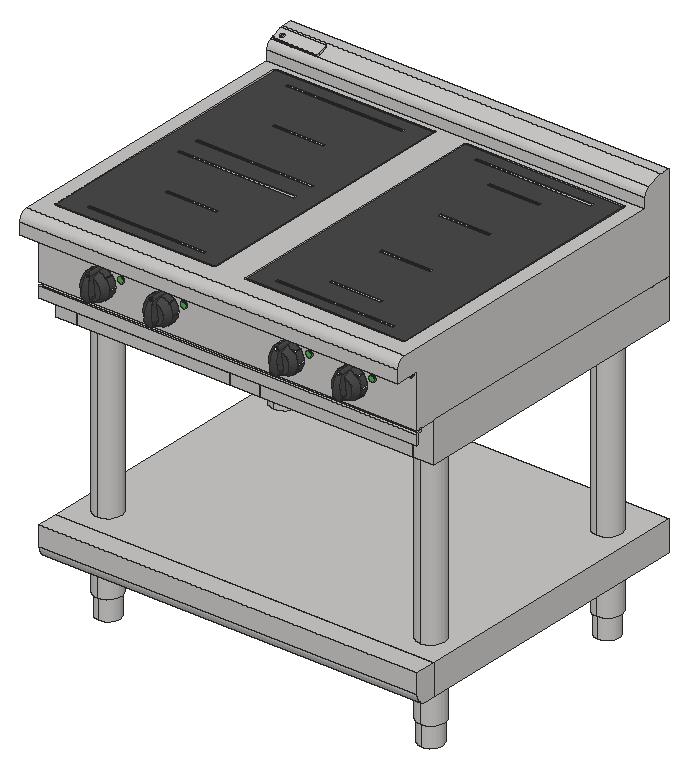
Revit family "QF_Moffat_INL8400R5F-LS_Induction Cooktop_cat", category Specialty Equipment, Revit 2019 (continued)
Definition of nested family "QF_LOGO_Waldorf1"
  Parameters (values of type "QF_LOGO_Waldorf")
    NAFEM Spec ID Number = ""
    Masterspec = ""
    Length = 138 mm
    Item Number = ""
    Installed By = ""
    Identify Quantity as Lot = yes
    Height = 26.711 mm
    Furnished By = ""
    Foodservice Equipment Identifier = yes
    Depth = 3.175 mm
    CSI MasterFormat = ""
  Reference planes
    plane 1 "BACK": y = 0
    plane 2: z = 0
    plane 3 "LEFT": x = 0
    plane 4 "RIGHT": x = 138
    plane 5 "FRONT": y = -3.175
    plane 6 "TOP": z = 26.711
    plane 7 "Center Y": x = 69
    plane 8 "Center X": y = -1.587
  Forms (mm)
    Extrusion 1, solid
      sketch origin (0, 0, 0) x (1, 0, 0) y (0, 0.920505, 0.390731)
        loop
          line (109, 3.464) -> (109, 23.247)
          spline (109, 23.247) -> (108.966, 23.699) -> (108.864, 24.143) -> (108.696, 24.572) -> (108.464, 24.979) -> (108.173, 25.355) -> (107.828, 25.696) -> (107.435, 25.995) -> (107, 26.247) -> (106.531, 26.447) -> (106.035, 26.593) -> (105.522, 26.681) -> (105, 26.711)
          line (105, 26.711) -> (4, 26.711)
          spline (4, 26.711) -> (3.478, 26.681) -> (2.965, 26.593) -> (2.469, 26.447) -> (2, 26.247) -> (1.565, 25.995) -> (1.172, 25.696) -> (0.827, 25.355) -> (0.536, 24.979) -> (0.304, 24.572) -> (0.136, 24.143) -> (0.034, 23.699) -> (0, 23.247)
          line (0, 23.247) -> (0, 3.464)
          spline (0, 3.464) -> (0.034, 3.012) -> (0.136, 2.568) -> (0.304, 2.138) -> (0.536, 1.732) -> (0.827, 1.355) -> (1.172, 1.015) -> (1.565, 0.716) -> (2, 0.464) -> (2.469, 0.264) -> (2.965, 0.118) -> (3.478, 0.03) -> (4, 0)
          line (4, 0) -> (105, 0)
          spline (105, 0) -> (105.522, 0.03) -> (106.035, 0.118) -> (106.531, 0.264) -> (107, 0.464) -> (107.435, 0.716) -> (107.828, 1.015) -> (108.173, 1.355) -> (108.464, 1.732) -> (108.696, 2.138) -> (108.864, 2.568) -> (108.966, 3.012) -> (109, 3.464)
        loop
          line (14.75, 7.005) -> (14.75, 15.654)
          arc (14.75, 15.654) -> (10.425, 11.329) -> (14.75, 7.005) r 4.325
        loop
          line (15.25, 15.654) -> (15.25, 7.005)
          arc (15.25, 7.005) -> (19.575, 11.329) -> (15.25, 15.654) r 4.325
      from 0 to 3.2
    Extrusion 2, solid
      sketch origin (0, 0, 0) x (1, 0, 0) y (0, 0.920505, 0.390731)
        loop
          line (15.25, 15.654) -> (15.25, 7.005)
          arc (15.25, 7.005) -> (19.575, 11.329) -> (15.25, 15.654) r 4.325
      from 0 to 3.2
    Extrusion 3, solid
      sketch origin (16.271, 0, 0) x (-1, 0, 0) y (0, -0.920505, -0.390731)
        loop
          arc (1.521, -15.654) -> (5.846, -11.329) -> (1.521, -7.005) r 4.325
          line (1.521, -7.005) -> (1.521, -15.654)
      from 0 to 3.2
  Lines and regions (mm)
    Split face 1
      outline origin (0, -1.25, 2.946) x (1, 0, 0) y (0, 0.920505, 0.390731)
        loop
          spline (22.129, 16.975) -> (22.389, 15.984) -> (22.649, 15.002) -> (22.91, 14.028) -> (23.172, 13.065) -> (23.433, 12.11) -> (23.695, 11.166) -> (23.956, 10.232) -> (24.218, 9.308) -> (24.479, 8.396) -> (24.74, 7.495) -> (25, 6.605) -> (25.26, 5.728)
          line (25.26, 5.728) -> (29.463, 5.728)
          spline (29.463, 5.728) -> (29.582, 6.252) -> (29.701, 6.78) -> (29.82, 7.313) -> (29.939, 7.85) -> (30.058, 8.391) -> (30.178, 8.936) -> (30.297, 9.485) -> (30.416, 10.038) -> (30.536, 10.594) -> (30.655, 11.155) -> (30.775, 11.719) -> (30.894, 12.287)
          spline (30.894, 12.287) -> (31.018, 11.719) -> (31.142, 11.155) -> (31.266, 10.594) -> (31.39, 10.038) -> (31.514, 9.485) -> (31.638, 8.936) -> (31.762, 8.391) -> (31.885, 7.85) -> (32.009, 7.313) -> (32.133, 6.78) -> (32.256, 6.252) -> (32.379, 5.728)
          line (32.379, 5.728) -> (36.51, 5.728)
          spline (36.51, 5.728) -> (36.766, 6.605) -> (37.023, 7.495) -> (37.28, 8.396) -> (37.538, 9.308) -> (37.795, 10.232) -> (38.053, 11.166) -> (38.311, 12.11) -> (38.569, 13.065) -> (38.826, 14.028) -> (39.083, 15.002) -> (39.34, 15.984) -> (39.597, 16.975)
          line (39.597, 16.975) -> (35.637, 16.975)
          spline (35.637, 16.975) -> (35.523, 16.334) -> (35.41, 15.697) -> (35.296, 15.063) -> (35.182, 14.433) -> (35.068, 13.807) -> (34.954, 13.185) -> (34.84, 12.566) -> (34.726, 11.952) -> (34.612, 11.342) -> (34.497, 10.737) -> (34.383, 10.135) -> (34.269, 9.538)
          spline (34.269, 9.538) -> (34.138, 10.135) -> (34.008, 10.737) -> (33.877, 11.342) -> (33.746, 11.952) -> (33.616, 12.566) -> (33.485, 13.185) -> (33.354, 13.807) -> (33.224, 14.433) -> (33.093, 15.063) -> (32.963, 15.697) -> (32.833, 16.334) -> (32.703, 16.975)
          line (32.703, 16.975) -> (29.247, 16.975)
          spline (29.247, 16.975) -> (29.111, 16.334) -> (28.974, 15.697) -> (28.837, 15.063) -> (28.7, 14.433) -> (28.562, 13.807) -> (28.425, 13.185) -> (28.288, 12.566) -> (28.15, 11.952) -> (28.013, 11.342) -> (27.875, 10.737) -> (27.738, 10.135) -> (27.6, 9.538)
          spline (27.6, 9.538) -> (27.483, 10.135) -> (27.366, 10.737) -> (27.249, 11.342) -> (27.132, 11.952) -> (27.015, 12.566) -> (26.897, 13.185) -> (26.78, 13.807) -> (26.663, 14.433) -> (26.546, 15.063) -> (26.43, 15.697) -> (26.313, 16.334) -> (26.196, 16.975)
          line (26.196, 16.975) -> (22.129, 16.975)
    Split face 2
      outline origin (0, -1.25, 2.946) x (1, 0, 0) y (0, 0.920505, 0.390731)
        loop
          line (51.449, 5.728) -> (51.035, 6.606) -> (51.035, 11.169)
          spline (51.035, 11.169) -> (50.686, 12.42) -> (50.176, 13.224) -> (49.51, 13.708) -> (48.693, 13.995) -> (47.747, 14.152) -> (46.698, 14.207) -> (45.579, 14.186) -> (44.419, 14.114) -> (43.279, 13.929) -> (42.249, 13.481) -> (41.424, 12.614) -> (40.897, 11.169)
          line (40.897, 11.169) -> (44.617, 11.169) -> (44.988, 11.965)
          spline (44.988, 11.965) -> (47.294, 11.682) -> (46.856, 10.932) -> (45.527, 10.609) -> (43.858, 10.439) -> (42.259, 10.123) -> (41.078, 9.417) -> (40.563, 8.246) -> (40.689, 6.989) -> (41.407, 6.052) -> (42.774, 5.536) -> (44.847, 5.497) -> (47.306, 6.602)
          line (47.306, 6.602) -> (47.624, 5.728) -> (51.449, 5.728)
    Split face 3
      outline origin (0, -1.25, 2.946) x (1, 0, 0) y (0, 0.920505, 0.390731)
        loop
          line (47.264, 9.264) -> (44.938, 8.597)
          spline (44.938, 8.597) -> (44.508, 8.228) -> (44.402, 7.9) -> (44.548, 7.626) -> (44.877, 7.42) -> (45.317, 7.295) -> (45.797, 7.265) -> (46.252, 7.342) -> (46.65, 7.525) -> (46.971, 7.813) -> (47.194, 8.201) -> (47.298, 8.685) -> (47.264, 9.264)
    Split face 4
      outline origin (0, -1.25, 2.946) x (1, 0, 0) y (0, 0.920505, 0.390731)
        loop
          line (53.33, 16.975) -> (53.33, 5.728) -> (57.173, 5.728) -> (57.173, 16.975) -> (53.33, 16.975)
    Split face 5
      outline origin (0, -1.25, 2.946) x (1, 0, 0) y (0, 0.920505, 0.390731)
        loop
          line (65.795, 16.975) -> (65.795, 12.976)
          spline (65.795, 12.976) -> (63.839, 14.082) -> (62.087, 14.096) -> (60.633, 13.343) -> (59.574, 12.148) -> (58.99, 10.806) -> (58.867, 9.452) -> (59.156, 8.159) -> (59.81, 7) -> (60.786, 6.056) -> (62.111, 5.514) -> (63.868, 5.634) -> (66.137, 6.679)
          line (66.137, 6.679) -> (66.137, 5.728) -> (69.511, 5.728) -> (69.511, 16.975) -> (65.795, 16.975)
    Split face 6
      outline origin (0, -1.25, 2.946) x (1, 0, 0) y (0, 0.920505, 0.390731)
        loop
          spline (64.273, 7.499) -> (64.754, 7.57) -> (65.202, 7.777) -> (65.587, 8.106) -> (65.882, 8.535) -> (66.067, 9.034) -> (66.131, 9.57) -> (66.067, 10.106) -> (65.882, 10.605) -> (65.587, 11.034) -> (65.202, 11.363) -> (64.754, 11.57) -> (64.273, 11.64)
          spline (64.273, 11.64) -> (63.793, 11.57) -> (63.345, 11.363) -> (62.96, 11.034) -> (62.665, 10.605) -> (62.479, 10.106) -> (62.416, 9.57) -> (62.479, 9.034) -> (62.665, 8.535) -> (62.96, 8.106) -> (63.345, 7.777) -> (63.793, 7.57) -> (64.273, 7.499)
    Split face 7
      outline origin (0, -1.25, 2.946) x (1, 0, 0) y (0, 0.920505, 0.390731)
        loop
          spline (76.449, 5.305) -> (77.855, 5.457) -> (79.166, 5.901) -> (80.291, 6.607) -> (81.155, 7.527) -> (81.698, 8.599) -> (81.883, 9.749) -> (81.698, 10.899) -> (81.155, 11.97) -> (80.291, 12.891) -> (79.166, 13.597) -> (77.855, 14.041) -> (76.449, 14.192)
          spline (76.449, 14.192) -> (75.042, 14.041) -> (73.731, 13.597) -> (72.606, 12.891) -> (71.742, 11.97) -> (71.199, 10.899) -> (71.014, 9.749) -> (71.199, 8.599) -> (71.742, 7.527) -> (72.606, 6.607) -> (73.731, 5.901) -> (75.042, 5.457) -> (76.449, 5.305)
    Split face 8
      outline origin (0, -1.25, 2.946) x (1, 0, 0) y (0, 0.920505, 0.390731)
        loop
          spline (76.449, 7.654) -> (76.841, 7.725) -> (77.206, 7.934) -> (77.52, 8.267) -> (77.76, 8.701) -> (77.912, 9.206) -> (77.963, 9.749) -> (77.912, 10.291) -> (77.76, 10.796) -> (77.52, 11.23) -> (77.206, 11.563) -> (76.841, 11.772) -> (76.449, 11.843)
          spline (76.449, 11.843) -> (76.057, 11.772) -> (75.691, 11.563) -> (75.378, 11.23) -> (75.137, 10.796) -> (74.986, 10.291) -> (74.934, 9.749) -> (74.986, 9.206) -> (75.137, 8.701) -> (75.378, 8.267) -> (75.691, 7.934) -> (76.057, 7.725) -> (76.449, 7.654)
    Split face 9
      outline origin (0, -1.25, 2.946) x (1, 0, 0) y (0, 0.920505, 0.390731)
        loop
          line (86.998, 12.335) -> (86.998, 13.879) -> (83.479, 13.879) -> (83.479, 5.728) -> (87.312, 5.728) -> (87.312, 8.975)
          spline (87.312, 8.975) -> (87.364, 9.356) -> (87.458, 9.686) -> (87.594, 9.968) -> (87.769, 10.204) -> (87.982, 10.398) -> (88.229, 10.55) -> (88.509, 10.666) -> (88.82, 10.746) -> (89.16, 10.794) -> (89.525, 10.812) -> (89.915, 10.803) -> (90.327, 10.77)
          line (90.327, 10.77) -> (90.327, 14.113)
          spline (90.327, 14.113) -> (89.929, 14.127) -> (89.552, 14.111) -> (89.197, 14.066) -> (88.865, 13.991) -> (88.554, 13.887) -> (88.266, 13.754) -> (87.999, 13.591) -> (87.755, 13.399) -> (87.532, 13.177) -> (87.332, 12.926) -> (87.154, 12.645) -> (86.998, 12.335)
    Split face 10
      outline origin (0, -1.25, 2.946) x (1, 0, 0) y (0, 0.920505, 0.390731)
        loop
          line (92.082, 13.879) -> (90.894, 13.879) -> (90.894, 11.972) -> (92.082, 11.972) -> (92.082, 5.728) -> (95.871, 5.728) -> (95.871, 11.972) -> (97.5, 11.972) -> (97.5, 13.879) -> (95.871, 13.879)
          spline (95.871, 13.879) -> (95.843, 14.088) -> (95.845, 14.278) -> (95.877, 14.447) -> (95.939, 14.596) -> (96.03, 14.726) -> (96.151, 14.835) -> (96.301, 14.925) -> (96.482, 14.995) -> (96.692, 15.045) -> (96.931, 15.075) -> (97.201, 15.085) -> (97.5, 15.076)
          line (97.5, 15.076) -> (97.5, 17.266) -> (95.367, 17.266)
          spline (95.367, 17.266) -> (94.982, 17.253) -> (94.58, 17.21) -> (94.174, 17.132) -> (93.774, 17.013) -> (93.39, 16.846) -> (93.034, 16.627) -> (92.717, 16.349) -> (92.448, 16.007) -> (92.24, 15.595) -> (92.102, 15.106) -> (92.046, 14.537) -> (92.082, 13.879)
  Dimensions and locks
    equal spacing: plane 3 "LEFT", plane 7 "Center Y", plane 4 "RIGHT"
    "Length": plane 3 "LEFT" to plane 4 "RIGHT"
    equal spacing: plane 5 "FRONT", plane 8 "Center X", plane 1 "BACK"
    "Depth": plane 5 "FRONT" to plane 1 "BACK"
    "Height": plane 6 "TOP" to level
    plane 4 "RIGHT" to plane 3 "LEFT" = 138 mm
    aligned and locked: level to plane 2
  Automatic sketch dimensions
    Extrusion 1 sketch curve to plane 3 "LEFT" = 0 mm
    plane 3 "LEFT" to Extrusion 1 sketch curve = 4 mm  (x2)
    Extrusion 1 sketch curve to Extrusion 1 sketch curve = 10.75 mm
    Extrusion 1 sketch curve to Extrusion 1 sketch curve = 0.5 mm
    plane 4 "RIGHT" to Extrusion 1 sketch curve = 33 mm
    Extrusion 1 sketch curve to Extrusion 1 sketch curve = 0 mm  (x3)
    Extrusion 1 sketch curve to Extrusion 1 sketch curve = 4 mm
    Extrusion 1 sketch curve to Extrusion 1 sketch curve = 3.464 mm  (x3)
    Extrusion 1 sketch curve to Extrusion 1 sketch curve = 3.541 mm
    Extrusion 1 sketch curve to Extrusion 1 sketch curve = 4.325 mm
    Extrusion 1 sketch curve to Extrusion 1 sketch curve = 19.783 mm
    Extrusion 1 sketch curve to Extrusion 1 sketch curve = 7.592 mm
    plane 3 "LEFT" to Extrusion 2 sketch curve = 15.25 mm
    Extrusion 2 sketch curve to Extrusion 2 sketch curve = 4.325 mm
    plane 3 "LEFT" to Extrusion 3 sketch curve = 14.75 mm
    Extrusion 3 sketch curve to Extrusion 3 sketch curve = 4.325 mm
    Extrusion 1 to Split face 1 sketch curve = 6.879 mm
    Split face 1 sketch curve to Extrusion 1 = 5.728 mm
    Split face 1 sketch curve to Split face 1 sketch curve = 3.132 mm
    Split face 1 sketch curve to Split face 1 sketch curve = 4.068 mm
    Split face 1 sketch curve to Split face 1 sketch curve = 3.051 mm
    Split face 1 sketch curve to Split face 1 sketch curve = 4.203 mm
    Split face 1 sketch curve to Split face 1 sketch curve = 2.916 mm
    Split face 1 sketch curve to Split face 1 sketch curve = 3.456 mm
    Split face 1 sketch curve to Split face 1 sketch curve = 2.934 mm
    Split face 1 sketch curve to Split face 1 sketch curve = 4.131 mm
    Split face 1 sketch curve to Split face 1 sketch curve = 3.96 mm
    Split face 1 sketch curve to Split face 1 sketch curve = 0 mm  (x2)
    Split face 1 sketch curve to Extrusion 1 = 9.736 mm  (x2)
    Extrusion 1 to Split face 1 sketch curve = 6.337 mm
    Extrusion 1 to Split face 1 sketch curve = 6.231 mm
    Extrusion 1 to Split face 1 sketch curve = 3.184 mm
    Extrusion 1 to Split face 1 sketch curve = 13.135 mm
    Split face 1 sketch curve to Split face 1 sketch curve = 4.652 mm
    Split face 1 sketch curve to Split face 1 sketch curve = 3.593 mm
    Split face 1 sketch curve to Split face 1 sketch curve = 1.863 mm
    Split face 1 sketch curve to Split face 1 sketch curve = 0.713 mm
    Split face 1 sketch curve to Split face 1 sketch curve = 2.684 mm
    Split face 1 sketch curve to Split face 1 sketch curve = 3.294 mm
    Split face 1 sketch curve to Split face 1 sketch curve = 0.459 mm
    Split face 1 sketch curve to Split face 1 sketch curve = 2.775 mm
    Split face 1 sketch curve to Split face 1 sketch curve = 1.89 mm
    Split face 1 sketch curve to Split face 1 sketch curve = 0.685 mm
    Split face 1 sketch curve to Split face 1 sketch curve = 9.486 mm
    Split face 1 sketch curve to Split face 1 sketch curve = 16.213 mm
    Split face 1 sketch curve to Split face 1 sketch curve = 3.48 mm
    Split face 1 sketch curve to Split face 1 sketch curve = 4.918 mm
    Split face 1 sketch curve to Split face 1 sketch curve = 7.609 mm
    Split face 1 sketch curve to Split face 1 sketch curve = 0.01 mm  (x2)
    Split face 1 sketch curve to Split face 1 sketch curve = 0.002 mm
    Split face 2 sketch curve to Extrusion 1 = 11.169 mm
    Extrusion 1 to Split face 2 sketch curve = 25.647 mm
    Split face 2 sketch curve to Split face 2 sketch curve = 3.72 mm
    Split face 2 sketch curve to Extrusion 1 = 11.965 mm
    Split face 2 sketch curve to Split face 2 sketch curve = 0.371 mm
    Split face 2 sketch curve to Extrusion 1 = 6.602 mm
    Split face 2 sketch curve to Split face 2 sketch curve = 2.689 mm
    Split face 2 sketch curve to Split face 2 sketch curve = 0.318 mm
    Split face 2 sketch curve to Split face 2 sketch curve = 3.729 mm
    Split face 2 sketch curve to Split face 2 sketch curve = 0.414 mm
    Split face 2 sketch curve to Split face 2 sketch curve = 0.875 mm
    Split face 2 sketch curve to Split face 2 sketch curve = 0.878 mm
    Split face 3 sketch curve to Extrusion 1 = 8.597 mm
    Extrusion 1 to Split face 3 sketch curve = 29.688 mm
    Split face 3 sketch curve to Extrusion 1 = 9.264 mm
    Split face 3 sketch curve to Split face 3 sketch curve = 2.326 mm
    Split face 4 sketch curve to Extrusion 1 = 5.728 mm
    Extrusion 1 to Split face 4 sketch curve = 38.08 mm
    Split face 4 sketch curve to Split face 4 sketch curve = 3.843 mm
    Split face 4 sketch curve to Extrusion 1 = 9.736 mm
    Split face 5 sketch curve to Extrusion 1 = 9.736 mm
    Split face 5 sketch curve to Extrusion 1 = 43.205 mm
    Split face 5 sketch curve to Extrusion 1 = 6.679 mm
    Split face 5 sketch curve to Split face 5 sketch curve = 0.342 mm
    Split face 5 sketch curve to Split face 5 sketch curve = 3.375 mm
    Split face 5 sketch curve to Split face 5 sketch curve = 0.952 mm
    Split face 5 sketch curve to Split face 5 sketch curve = 3.998 mm
    Split face 6 sketch curve to Extrusion 1 = 7.499 mm
    Split face 6 sketch curve to Extrusion 1 = 44.727 mm
    Split face 6 sketch curve to Split face 6 sketch curve = 2.07 mm
    Split face 7 sketch curve to Extrusion 1 = 5.305 mm
    Split face 7 sketch curve to Extrusion 1 = 32.551 mm
    Split face 7 sketch curve to Split face 7 sketch curve = 4.443 mm
    Split face 8 sketch curve to Extrusion 1 = 7.654 mm
    Split face 8 sketch curve to Extrusion 1 = 32.551 mm
    Split face 8 sketch curve to Split face 8 sketch curve = 2.095 mm
    Split face 9 sketch curve to Extrusion 1 = 5.728 mm
    Split face 9 sketch curve to Extrusion 1 = 25.521 mm
    Split face 9 sketch curve to Split face 9 sketch curve = 3.519 mm
    Split face 9 sketch curve to Split face 9 sketch curve = 0.315 mm
    Split face 9 sketch curve to Split face 9 sketch curve = 3.33 mm
    Split face 9 sketch curve to Split face 9 sketch curve = 3.248 mm
    Split face 9 sketch curve to Split face 9 sketch curve = 1.795 mm
    Split face 9 sketch curve to Split face 9 sketch curve = 3.36 mm
    Split face 9 sketch curve to Split face 9 sketch curve = 1.545 mm
    Split face 9 sketch curve to Split face 9 sketch curve = 0.233 mm
    Split face 10 sketch curve to Extrusion 1 = 18.106 mm
    Split face 10 sketch curve to Split face 10 sketch curve = 1.188 mm  (x2)
    Split face 10 sketch curve to Split face 10 sketch curve = 3.285 mm
    Split face 10 sketch curve to Split face 10 sketch curve = 3.789 mm
    Split face 10 sketch curve to Split face 10 sketch curve = 0 mm  (x2)
    Split face 10 sketch curve to Split face 10 sketch curve = 1.629 mm
    Split face 10 sketch curve to Split face 10 sketch curve = 2.133 mm
    Split face 10 sketch curve to Extrusion 1 = 5.728 mm
    Split face 10 sketch curve to Split face 10 sketch curve = 6.245 mm
    Split face 10 sketch curve to Split face 10 sketch curve = 1.907 mm  (x2)
    Split face 10 sketch curve to Split face 10 sketch curve = 1.197 mm
    Split face 10 sketch curve to Split face 10 sketch curve = 2.19 mm
